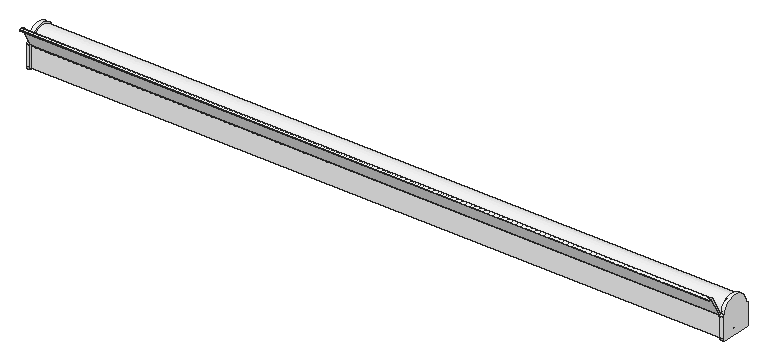
Revit family "0045199+0045236 Feilo Sylvania Lighting Fixture SYLBATTEN LED8 6000K DALI TP5 with ASYMMETRIC REFLECTOR ACCESSORY 1500MM", category Lighting Fixtures, host Face, Revit 2017
Family settings
  Host = Face
  Round Connector Dimension = Use Diameter
  Part Type = Normal
  OmniClass Number = 23.80.70.00
  OmniClass Title = Lighting
  Cut with Voids When Loaded = No
  Light Source = Yes
  Shared = No
  Room Calculation Point = No
Parameters (values of type "0045199 SYLBATTEN LED8 6000K DALI TP5")
  Width_FEILO = 66 mm
  Weight = "3.21 kg"
  Wattage Comments = "n/a"
  Wattage = 79 W
  WarrantyStartDate [instance] = "n/a"
  WarrantyGuarantorParts = "n/a"
  WarrantyDurationUnit = "n/a"
  WarrantyDurationParts = "n/a"
  WarrantyDescription = "n/a"
  built-in parameter 1150110 = 1 (stored number, unit not read)
  Voltage = 230 V
  URL = "http://www.sylvania-lighting.com"
  TypeName = "SYLBATTEN LED8 6000K DALI TP5"
  Type Image = <None>
  Type Comments = "n/a"
  built-in parameter 1114217 = 1 (stored number, unit not read)
  Tilt Angle = -90.00°
  built-in parameter 1150109 = 1 (stored number, unit not read)
  built-in parameter 1150134 = 5
  SymReflector_FEILO = no
  built-in parameter 1150113 = 1 (stored number, unit not read)
  SerialNumber [instance] = "n/a"
  PowerFactor = 0
  PowerConsumption = "79 W"
  Photometric Web File = "0045199+0045236.ies"
  NominalLength = 1505 mm
  NominalHeight = 76 mm
  NominalDepth = 66 mm
  Name = "SYLBATTEN LED8 6000K DALI TP5"
  ModelReference = Name  # "SYLBATTEN LED8 6000K DALI TP5"
  ModelNumber = "0045199"
  Model = Name  # "SYLBATTEN LED8 6000K DALI TP5"
  Material_4_FEILO = Reflector-Sylvania-Sylbatten-White
  Material_3_FEILO = Diffuser-Sylvania-Sylbatten-Glow
  Material_2_FEILO = Body-Sylvania-Sylbatten-White
  Material_1_FEILO = Body-Sylvania-Sylbatten-White
  Material = "sheet steel housing, polycarbonate diffuser"
  ManufacturerName = "Feilo Sylvania"
  Manufacturer = "Feilo Sylvania"
  LuminousEfficacy = "110.4 lm/W"
  built-in parameter 1150105 = 694.23 (stored number, unit not read)
  Lumens = 8723.97 lm
  LuminaireType = ""
  built-in parameter 1150115 = 1 (stored number, unit not read)
  LightOutputRatio = "100"
  built-in parameter 1150137 = (empty or 0)
  built-in parameter 1150139 = (empty or 0)
  Length_FEILO = 1505 mm
  LampsType = Lamp  # "LED"
  LampNominalLuminous = "8724 lm"
  LampMacAdamStep = "n/a"
  LampColourTemperature = "6000 K"
  LampColourRenderingIndex = "80"
  built-in parameter 1150112 = 1 (stored number, unit not read)
  built-in parameter 1150114 = 1 (stored number, unit not read)
  Lamp = "LED"
  Keynote = "16500"
  InstallationDate [instance] = "n/a"
  InputVoltage = "220-240V~"
  InputNominalFrequency = "n/a"
  built-in parameter 1150132 = (empty or 0)
  built-in parameter 1150102 = (empty or 0)
  built-in parameter 1150107 = 6000 (stored number, unit not read)
  built-in parameter 1150138 = (empty or 0)
  IngressProtection = "IP20"
  ImpactProtectionIndex = "IK07"
  built-in parameter 1150106 = 6.9423 (stored number, unit not read)
  IfcExportType = "IfcLightFixtureType"
  IfcExportAs = "IfcLightFixtureType"
  Height_FEILO = 76 mm
  ExpectedLife = 50000
  Emit from Rectangle Width = Length_FEILO - 16 mm  # 1489 mm
  Emit from Rectangle Length = Width_FEILO - 40 mm  # 26 mm
  Emit Shape Visible in Rendering = no
  ElectricShockClassification = "Class I"
  built-in parameter 1150104 = 10.259 (stored number, unit not read)
  DurationUnit = "hours"
  DocumentationLiterature = "http://www.sylvania-lighting.com/product/en-int/products/0045199"
  DimmingControlOptions = "Dimmable"
  Dimming Lamp Color Temperature Shift = <None>
  Description = "LED batten, T8 replacement, ease of installation through 2 part push-in design of the housing (safety cable included), through wiring capability (TP5 = 5 core), sheet steel, 8724LM, 79W, 110lm/W, 6000K, drive current: 450mA, CRI 80, 138° wide beam angle, DALI dimmable, IP20, IK07, 50,000 hrs (L70), (LxWxH) 1505x66x76mm, 5 step MacAdam ellipse, 3.7kg, white RAL 9016, Class 1, 220-240V, energy class: A++, A+, A."
  Default Elevation = 1219.2 mm
  CreatedOn = "2/22/2018"
  CreatedBy = ""
  Cost = 0
  Color Filter = 16777215
  built-in parameter 1114216 [instance] = (empty or 0)
  ClassificationValue = "EF_70_80"
  ClassificationName = "Uniclass2015"
  CapOffset_FEILO = 2 mm
  BarCode [instance] = "n/a"
  built-in parameter 1114218 = 1 (stored number, unit not read)
  BackReflector_FEILO = and(not(AsymReflector_FEILO), SymReflector_FEILO)  # no
  built-in parameter 1150133 = 10 (stored number, unit not read)
  FrontReflector_FEILO = or(AsymReflector_FEILO, SymReflector_FEILO)  # yes
  AsymReflector_FEILO = yes
  AssetType = "Fixed"
  AssetIdentifier [instance] = "n/a"
  Assembly Code = "D5020200"
  Apparent Load = 79 VA
Reference planes
  plane 1 "Center (Front/Back)": y = 0
  plane 2: z = 0
  plane 3 "Center (Left/Right)": x = 0
  plane 4: x = 752.5
  plane 5: x = -752.5
  plane 6: y = 33
  plane 7: y = -33
  plane 8: z = 76
  plane 9: z = 47
  plane 10: y = -29
  plane 11: y = 29
  plane 12: z = 20
  plane 13: z = 74
  plane 14: y = -31
  plane 15: y = -27
  plane 16: y = 27
  plane 17: y = 31
  plane 18: z = 2
  plane 19: x = -744.5
  plane 20: x = 744.5
  plane 21: z = 49
  plane 22: y = 1
  plane 23: y = -1
  plane 24: z = 21
  plane 25: z = 19
  plane 26: y = -61
  plane 27: y = 61
  plane 28: y = -56
  plane 29: y = 56
  plane 30: z = 91
  plane 31: z = 88
Forms (mm)
  Extrusion 1, solid, material "Body-Sylvania-Sylbatten-White" <- "Material_2_FEILO"
    sketch origin (0, 0, 0) x (0, 1, 0) y (0, 0, 1)
      loop
        line (-31, 2) -> (31, 2) -> (31, 45)
        arc (31, 45) -> (30.414, 46.414) -> (29, 47) r 2
        line (29, 47) -> (27, 47)
        arc (27, 47) -> (0, 74) -> (-27, 47) r 27
        line (-27, 47) -> (-29, 47)
        arc (-29, 47) -> (-30.414, 46.414) -> (-31, 45) r 2
        line (-31, 45) -> (-31, 2)
    from -744.5 to 744.5
  Extrusion 2, solid, material "Body-Sylvania-Sylbatten-White" <- "Material_2_FEILO"
    sketch origin (752.5, 1524, 1219.2) x (0, 1, 0) y (0, 0, 1)
      loop
        arc (-1494, -1219.2) -> (-1491.879, -1218.321) -> (-1491, -1216.2) r 3
        line (-1491, -1216.2) -> (-1491, -1173.2)
        arc (-1491, -1173.2) -> (-1491.879, -1171.079) -> (-1494, -1170.2) r 3
        line (-1494, -1170.2) -> (-1495.069, -1170.2)
        arc (-1495.069, -1170.2) -> (-1524, -1143.2) -> (-1552.931, -1170.2) r 29
        line (-1552.931, -1170.2) -> (-1554, -1170.2)
        arc (-1554, -1170.2) -> (-1556.121, -1171.079) -> (-1557, -1173.2) r 3
        line (-1557, -1173.2) -> (-1557, -1216.2)
        arc (-1557, -1216.2) -> (-1556.121, -1218.321) -> (-1554, -1219.2) r 3
        line (-1554, -1219.2) -> (-1494, -1219.2)
      loop
        arc (-1525, -1189.25) -> (-1531.071, -1192.129) -> (-1533.95, -1198.2) r 10
        line (-1533.95, -1198.2) -> (-1532.944, -1198.2)
        arc (-1532.944, -1198.2) -> (-1530.364, -1192.836) -> (-1525, -1190.256) r 9
        line (-1525, -1190.256) -> (-1525, -1189.25)
      loop
        arc (-1523, -1190.256) -> (-1517.636, -1192.836) -> (-1515.056, -1198.2) r 9
        line (-1515.056, -1198.2) -> (-1514.05, -1198.2)
        arc (-1514.05, -1198.2) -> (-1516.929, -1192.129) -> (-1523, -1189.25) r 10
        line (-1523, -1189.25) -> (-1523, -1190.256)
      loop
        line (-1532.944, -1200.2) -> (-1533.95, -1200.2)
        arc (-1533.95, -1200.2) -> (-1531.071, -1206.271) -> (-1525, -1209.15) r 10
        line (-1525, -1209.15) -> (-1525, -1208.144)
        arc (-1525, -1208.144) -> (-1530.364, -1205.564) -> (-1532.944, -1200.2) r 9
      loop
        arc (-1515.056, -1200.2) -> (-1517.636, -1205.564) -> (-1523, -1208.144) r 9
        line (-1523, -1208.144) -> (-1523, -1209.15)
        arc (-1523, -1209.15) -> (-1516.929, -1206.271) -> (-1514.05, -1200.2) r 10
        line (-1514.05, -1200.2) -> (-1515.056, -1200.2)
    from 0 to -8
  Extrusion 3, solid, material "Body-Sylvania-Sylbatten-White" <- "Material_2_FEILO"
    sketch origin (-752.5, 1524, 1219.2) x (0, 1, 0) y (0, 0, 1)
      loop
        arc (-1495.069, -1170.2) -> (-1524, -1143.2) -> (-1552.931, -1170.2) r 29
        line (-1552.931, -1170.2) -> (-1554, -1170.2)
        arc (-1554, -1170.2) -> (-1556.121, -1171.079) -> (-1557, -1173.2) r 3
        line (-1557, -1173.2) -> (-1557, -1216.2)
        arc (-1557, -1216.2) -> (-1556.121, -1218.321) -> (-1554, -1219.2) r 3
        line (-1554, -1219.2) -> (-1494, -1219.2)
        arc (-1494, -1219.2) -> (-1491.879, -1218.321) -> (-1491, -1216.2) r 3
        line (-1491, -1216.2) -> (-1491, -1173.2)
        arc (-1491, -1173.2) -> (-1491.879, -1171.079) -> (-1494, -1170.2) r 3
        line (-1494, -1170.2) -> (-1495.069, -1170.2)
      loop
        line (-1533.95, -1198.2) -> (-1532.944, -1198.2)
        arc (-1532.944, -1198.2) -> (-1530.364, -1192.836) -> (-1525, -1190.256) r 9
        line (-1525, -1190.256) -> (-1525, -1189.25)
        arc (-1525, -1189.25) -> (-1531.071, -1192.129) -> (-1533.95, -1198.2) r 10
      loop
        line (-1523, -1189.25) -> (-1523, -1190.256)
        arc (-1523, -1190.256) -> (-1517.636, -1192.836) -> (-1515.056, -1198.2) r 9
        line (-1515.056, -1198.2) -> (-1514.05, -1198.2)
        arc (-1514.05, -1198.2) -> (-1516.929, -1192.129) -> (-1523, -1189.25) r 10
      loop
        line (-1514.05, -1200.2) -> (-1515.056, -1200.2)
        arc (-1515.056, -1200.2) -> (-1517.636, -1205.564) -> (-1523, -1208.144) r 9
        line (-1523, -1208.144) -> (-1523, -1209.15)
        arc (-1523, -1209.15) -> (-1516.929, -1206.271) -> (-1514.05, -1200.2) r 10
      loop
        line (-1525, -1209.15) -> (-1525, -1208.144)
        arc (-1525, -1208.144) -> (-1530.364, -1205.564) -> (-1532.944, -1200.2) r 9
        line (-1532.944, -1200.2) -> (-1533.95, -1200.2)
        arc (-1533.95, -1200.2) -> (-1531.071, -1206.271) -> (-1525, -1209.15) r 10
    from 0 to 8
  Extrusion 4, solid, material "Reflector-Sylvania-Sylbatten-White" <- "Material_4_FEILO", visible <- "FrontReflector_FEILO"
    sketch origin (0, 0, 0) x (0, 1, 0) y (0, 0, 1)
      loop
        line (-61.257, 88.429) -> (-60.743, 87.571) -> (-56.621, 90.044)
        arc (-56.621, 90.044) -> (-56.237, 90.099) -> (-55.929, 89.863) r 0.5
        line (-55.929, 89.863) -> (-31.435, 46.753) -> (-30.565, 47.247) -> (-55.312, 90.802)
        arc (-55.312, 90.802) -> (-55.928, 91.275) -> (-56.696, 91.165) r 1
        line (-56.696, 91.165) -> (-61.257, 88.429)
    from -744.5 to 744.5
  Extrusion 5, solid, material "Reflector-Sylvania-Sylbatten-White" <- "Material_4_FEILO", visible <- "BackReflector_FEILO"
    sketch origin (0, 0, 0) x (0, 1, 0) y (0, 0, 1)
      loop
        line (30.565, 47.247) -> (31.435, 46.753) -> (55.932, 89.868)
        arc (55.932, 89.868) -> (56.245, 90.112) -> (56.638, 90.062) r 0.518
        line (56.638, 90.062) -> (61.033, 87.565) -> (61.527, 88.435) -> (56.682, 91.188)
        arc (56.682, 91.188) -> (55.922, 91.282) -> (55.318, 90.812) r 1
        line (55.318, 90.812) -> (30.565, 47.247)
    from -744.5 to 744.5
Lines and regions (mm)
  reference lines
    curve 1: line (0, -61, 88) -> (0, -56, 91)
    curve 2: line (0, -56, 91) -> (0, -31, 47)
    curve 3: line (0, 31, 47) -> (0, 56, 91)
    curve 4: line (0, 56, 91) -> (0, 61.28, 88)
Dimensions and locks
  equal spacing: plane 5, plane 3 "Center (Left/Right)", plane 4
  equal spacing: plane 7, plane 1 "Center (Front/Back)", plane 6
  "Width_FEILO": plane 7 to plane 6
  "Length_FEILO": plane 5 to plane 4
  "Height_FEILO": plane 8 to plane 2
  locked: plane 9 to plane 8 at 29
  equal spacing: plane 10, plane 1 "Center (Front/Back)", plane 11
  locked: plane 7 to plane 10 at 4
  locked: plane 12 to plane 2 at 20
  "CapOffset_FEILO": plane 13 to plane 8
  "CapOffset_FEILO": plane 7 to plane 14
  "CapOffset_FEILO": plane 10 to plane 15
  "CapOffset_FEILO": plane 17 to plane 6
  "CapOffset_FEILO": plane 16 to plane 11
  "CapOffset_FEILO": plane 18 to plane 2
  locked: plane 14 to Extrusion 1 sketch curve at 2
  locked: Extrusion 1 sketch curve to plane 9 at 2  (x2)
  locked: plane 16 to Extrusion 1 sketch curve at 2
  equal spacing: plane 19, plane 3 "Center (Left/Right)", plane 20
  locked: plane 5 to plane 19 at 8
  "CapOffset_FEILO": plane 9 to plane 21
  locked: Extrusion 2 sketch curve to plane 2 at 47
  locked: Extrusion 1 sketch curve to plane 2 at 47
  locked: Extrusion 2 sketch curve to plane 2 at 3  (x2)
  locked: plane 7 to Extrusion 2 sketch curve at 3  (x2)
  locked: Extrusion 2 sketch curve to plane 6 at 3  (x2)
  locked: Extrusion 2 sketch curve to plane 21 at 3  (x2)
  equal spacing: plane 23, plane 1 "Center (Front/Back)", plane 22
  equal spacing: plane 25, plane 12, plane 24
  plane 30 to plane 31 to plane 2 = 3 mm locked, 88 mm locked
  plane 28 to plane 29 = 112 mm
  plane 26 to plane 27 = 122 mm
  aligned and locked: plane 2 to host face
  aligned and locked: level to host face
  aligned and locked: plane 18 to Extrusion 1 sketch curve
  aligned and locked: plane 14 to Extrusion 1 sketch curve
  aligned and locked: Extrusion 1 sketch curve to plane 9  (x2)
  aligned and locked: Extrusion 1 sketch curve to plane 17
  aligned and locked: plane 15 to Extrusion 1 sketch curve
  aligned and locked: plane 16 to Extrusion 1 sketch curve
  aligned and locked: plane 9 to Extrusion 1 sketch curve
  aligned and locked: plane 20 to Extrusion 1
  aligned and locked: level to Extrusion 2 sketch curve
  aligned and locked: Extrusion 2 sketch curve to plane 7
  aligned and locked: plane 21 to Extrusion 2 sketch curve
  aligned and locked: Extrusion 2 sketch curve to plane 21
  aligned and locked: plane 1 "Center (Front/Back)" to Extrusion 2 sketch curve  (x3)
  aligned and locked: Extrusion 2 to Extrusion 1
  aligned and locked: plane 4 to Extrusion 2
  aligned and locked: plane 12 to Extrusion 2 sketch curve  (x2)
  aligned and locked: Extrusion 2 sketch curve to plane 22
  aligned and locked: Extrusion 2 sketch curve to plane 23
  aligned and locked: Extrusion 2 sketch curve to plane 24
  aligned and locked: Extrusion 2 sketch curve to plane 25
  aligned and locked: plane 25 to Extrusion 2 sketch curve
  aligned and locked: plane 22 to Extrusion 2 sketch curve
  aligned and locked: plane 24 to Extrusion 2 sketch curve
  aligned and locked: plane 23 to Extrusion 2 sketch curve  (x2)
  aligned and locked: Extrusion 3 sketch curve to Extrusion 2  (x22)
  aligned and locked: Extrusion 3 to Extrusion 1
  aligned and locked: Extrusion 3 to plane 5
  aligned and locked: plane 19 to Extrusion 3
  aligned and locked: plane 31 to curve 1
  aligned and locked: plane 30 to curve 1
  aligned and locked: plane 14 to curve 2
  aligned and locked: plane 9 to curve 2
  aligned and locked: plane 17 to curve 3
  aligned and locked: plane 30 to curve 3
  aligned and locked: plane 31 to curve 4
  aligned and locked: Extrusion 4 sketch curve to curve 2
  aligned and locked: Extrusion 4 sketch curve to curve 1
  aligned and locked: Extrusion 4 to Extrusion 1
  aligned and locked: Extrusion 1 to Extrusion 4
  aligned and locked: imposter light to plane 1 "Center (Front/Back)"
  aligned and locked: imposter light to plane 3 "Center (Left/Right)"
  aligned and locked: imposter light to plane 13
  aligned and locked: Extrusion 5 sketch curve to curve 4
  aligned and locked: Extrusion 5 sketch curve to curve 3
  aligned and locked: Extrusion 1 to Extrusion 5
  aligned and locked: Extrusion 5 to Extrusion 1
Automatic sketch dimensions
  host sketch curve to host sketch curve = 2438.4 mm  (x2)
  Extrusion 2 sketch curve to Extrusion 2 sketch curve = 0 mm  (x14)
  Extrusion 2 sketch curve to plane 10 = 0.069 mm
  plane 23 to Extrusion 2 sketch curve = 8.95 mm
  Extrusion 2 sketch curve to Extrusion 2 sketch curve = 1.006 mm  (x4)
  Extrusion 2 sketch curve to plane 22 = 7.944 mm
  curve 1 to plane 26 = 0 mm
  curve 2 to plane 28 = 0 mm
  curve 4 to plane 29 = 0 mm
  plane 9 to curve 3 = 0 mm
  plane 26 to Extrusion 4 sketch curve = 0.257 mm
  Extrusion 4 sketch curve to plane 26 = 0.257 mm
  Extrusion 4 sketch curve to plane 30 = 0.165 mm
  plane 28 to Extrusion 4 sketch curve = 0.696 mm
  plane 28 to Extrusion 4 sketch curve = 0.621 mm
  plane 28 to Extrusion 4 sketch curve = 0.364 mm
  plane 28 to Extrusion 4 sketch curve = 0.182 mm
  Extrusion 4 sketch curve to plane 28 = 0.071 mm
  plane 30 to Extrusion 4 sketch curve = 0.198 mm
  Extrusion 4 sketch curve to plane 28 = 0.688 mm
  plane 9 to Extrusion 4 sketch curve = 0.247 mm
  plane 1 "Center (Front/Back)" to Extrusion 4 sketch curve = 31.435 mm
  Extrusion 5 sketch curve to plane 9 = 0.247 mm
  Extrusion 5 sketch curve to plane 1 "Center (Front/Back)" = 30.565 mm
  plane 9 to Extrusion 5 sketch curve = 0.247 mm
  plane 30 to Extrusion 5 sketch curve = 0.188 mm
  plane 29 to Extrusion 5 sketch curve = 0.068 mm
  Extrusion 5 sketch curve to plane 29 = 0.188 mm
  Extrusion 5 sketch curve to plane 29 = 0.382 mm
  Extrusion 5 sketch curve to Extrusion 5 sketch curve = 0.256 mm
  Extrusion 5 sketch curve to plane 30 = 0.188 mm
  Extrusion 5 sketch curve to plane 29 = 0.682 mm
  Extrusion 5 sketch curve to plane 27 = 0.033 mm
  Extrusion 5 sketch curve to plane 27 = 0.527 mm
Connectors
  electrical at (0, 0, 0), driven by "Apparent Load", driven by "PowerFactor", driven by "Voltage"
    settings: index 1, voltage 230 V, apparent load 79 VA, apparent load phase1 0 VA, apparent load phase2 0 VA, apparent load phase3 0 VA, power factor 0, load classification "Lighting", number of poles 1, system type 30, power factor state 1, is connector primary yes, connector utility no, sub classification motor no, connector description ""
